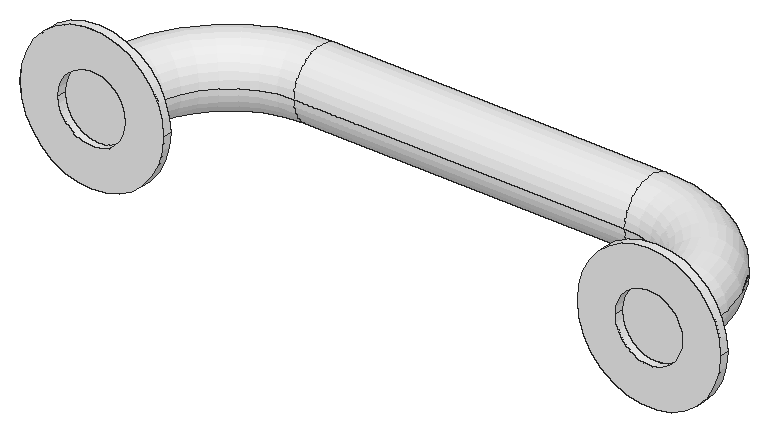
Revit family "706540001_Barra De Seguridad 12 Pulg", category Plumbing Fixtures, host Wall, Revit 2020
Family settings
  Host = Wall
  Round Connector Dimension = Use Diameter
  Part Type = Normal
  OmniClass Number = 23.31.00.00
  OmniClass Title = Plumbing Specific Products and Equipment
  Always vertical = Yes
  Cut with Voids When Loaded = No
  Shared = No
  Room Calculation Point = No
Parameters (values of type "Barra De Seguridad 12"")
  URL = "https://corona.co/productos/accesorios/barra-de-seguridad-12-pulgadas/p/706540001"
  Soporte de carga = "200 Kg."  # constant formula
  Referencia = "706540001"  # constant formula
  Recubrimientos = "-Material: Acero inoxidable SUS 304. -Resistente a la corrosión, pelado y decoloración por agua. -Condición de servicio recomendada, uso doméstico e institucional."  # constant formula
  Profundidad = 78.80 mm  # constant formula
  Model = "Barra de seguridad 30P"  # constant formula
  Material = Corona_Acabado_Satinado
  Manufacturer = "Corona"  # constant formula
  Longitud = 304.80 mm  # constant formula
  Fecha de creación = "12/04/2021"  # constant formula
  Description = "Barra en acero inoxidable 304. Con tornillos de anclaje en acero inoxidable \r\npara evitar la corrosión. Con escudos protectores que cubren los tonillos. \r\nElemento de mobiliario para el apoyo, seguridad y protección de usuarios \r\nque acompaña la dirección de una circulación."  # constant formula
  Default Elevation = 0.00 mm
  Cuidado Y Limpieza = "Para prolongar y preservar las cualidades del acero es vital que la limpieza profunda del producto se haga únicamente con agua y jabón suave y que en el secado y el brillo se utilice un paño de algodón limpio, dicha limpieza se recomienda 2 veces a la semana, y en zonas costeras a diario por la salinidad del ambiente. Por ningún motivo deben usarse elementos abrasivos, ácidos o disolventes para la limpieza del producto. (ácido muriático, ácido sulfúrico, yodo, derivados del cloro, amoniaco, blanqueadores.) Los acabados pueden variar su comportamiento en zonas costeras y/o en ambientes corrosivos. En referencias satinadas limpie en el sentido del pulido del acero."  # constant formula
  Creado por = "BIMBAU"  # constant formula
Reference planes
  plane 1 "Wall": y = 0
  plane 2 "Center (Left/Right)": x = 125
  plane 3 "Back": y = 75
  plane 4: x = -27.4
  plane 5: x = 277.4
  plane 6: y = 153.8
  plane 7: z = 1200
  plane 8: z = 1239.25
  plane 9: x = -66.65
  plane 10: z = 1160.75
  plane 11: x = 316.65
  plane 12: y = 172.3
  plane 13 "Back": y = 75
  plane 14: x = -27.4
  plane 15: x = 277.4
  plane 16: y = 153.8
  plane 17: z = 1200
Forms (mm)
  Sweep 1, solid, material "Corona_Acabado_Satinado" <- "Material", detail levels medium+fine
    path origin (0, 0, 0) x (1, 0, 0) y (0, 1, 0)
      loop
        line (-27.4, 79.5) -> (-27.4, 91.8)
        arc (-27.4, 91.8) -> (-9.241, 135.641) -> (34.6, 153.8) r 62
        line (34.6, 153.8) -> (215.4, 153.8)
        arc (215.4, 153.8) -> (259.241, 135.641) -> (277.4, 91.8) r 62
        line (277.4, 91.8) -> (277.4, 79.5)
    profile origin (-27.4, 85.65, 0) x (-1, 0, 0) y (0, 0, 1)
      loop
        circle (0, 1200) r 18.5
  Extrusion 2, solid, material "Corona_Acabado_Satinado" <- "Material", detail levels medium+fine
    sketch origin (0, 0.074, 0) x (1, 0, 0) y (0, 0, 1)
      loop
        circle (277.4, 1200) r 39.25
      loop
        circle (277.4, 1200) r 18.5
    from -79.426 to -74.926
  Extrusion 3, solid, material "Corona_Acabado_Satinado" <- "Material", detail levels medium+fine
    sketch origin (250, 0.074, 0) x (-1, 0, 0) y (0, 0, -1)
      loop
        circle (277.4, -1200) r 39.25
      loop
        circle (277.4, -1200) r 18.5
    from -79.426 to -74.926
  Extrusion 4, solid, material "Corona_Acabado_Satinado" <- "Material", detail levels coarse
    sketch origin (0, 0, 0) x (1, 0, 0) y (0, 1, 0)
      loop
        line (-66.65, 172.3) -> (-66.65, 75) -> (316.65, 75) -> (316.65, 172.3) -> (-66.65, 172.3)
    from 1160.75 to 1239.25
  Sweep 5, solid, material "Corona_Acabado_Satinado" <- "Material", not visible, detail levels medium+fine
    path origin (0, 0, 0) x (1, 0, 0) y (0, 1, 0)
      loop
        line (-27.4, 79.5) -> (-27.4, 91.8)
        arc (-27.4, 91.8) -> (-9.241, 135.641) -> (34.6, 153.8) r 62
        line (34.6, 153.8) -> (215.4, 153.8)
        arc (215.4, 153.8) -> (259.241, 135.641) -> (277.4, 91.8) r 62
        line (277.4, 91.8) -> (277.4, 79.5)
    profile origin (-27.4, 85.65, 0) x (-1, 0, 0) y (0, 0, 1)
      loop
        circle (0, 1200) r 18.5
  Extrusion 6, solid, material "Corona_Acabado_Satinado" <- "Material", not visible, detail levels medium+fine
    sketch origin (0, 0.074, 0) x (1, 0, 0) y (0, 0, 1)
      loop
        circle (277.4, 1200) r 39.25
      loop
        circle (277.4, 1200) r 18.5
    from -79.426 to -74.926
  Extrusion 7, solid, material "Corona_Acabado_Satinado" <- "Material", not visible, detail levels medium+fine
    sketch origin (250, 0.074, 0) x (-1, 0, 0) y (0, 0, -1)
      loop
        circle (277.4, -1200) r 39.25
      loop
        circle (277.4, -1200) r 18.5
    from -79.426 to -74.926
Text (mm)
  text "Placement Side" at (-1848.837, 1116.779, 0), in view "Ref. Level"
  text "Placement side" at (0, 1409.804, 2854.306), in view "Left"
  text "Placement side" at (0, 499.811, 2980.732), in view "Right"
Dimensions and locks
  locked: plane 3 "Back" to host wall
  "Longitud": plane 4 to plane 5
  "Profundidad": plane 3 "Back" to plane 6
  equal spacing: plane 4, plane 2 "Center (Left/Right)", plane 5
  aligned and locked: plane 1 "Wall" to host wall
  aligned and locked: Extrusion 2 to host wall
Automatic sketch dimensions
  Sweep 1 sketch curve to profile plane = 0.00 mm
  profile plane to Sweep 1 sketch curve = 18.50 mm
  Extrusion 2 sketch curve to Extrusion 2 sketch curve = 0.00 mm  (x4)
  Extrusion 3 sketch curve to Extrusion 3 sketch curve = 0.00 mm  (x4)
  Extrusion 4 sketch curve to host wall = 0.00 mm
  Extrusion 4 sketch curve to plane 9 = 0.00 mm
  plane 11 to Extrusion 4 sketch curve = 0.00 mm
  Extrusion 4 sketch curve to plane 12 = 0.00 mm
  Sweep 1 sketch curve to Sweep 1 sketch curve = 62.00 mm  (x2)
  Sweep 1 sketch curve to Sweep 1 sketch curve = 180.80 mm
  Sweep 1 sketch curve to Sweep 1 sketch curve = 12.30 mm  (x2)
  Sweep 1 sketch curve to Sweep 1 sketch curve = 0.00 mm
  profile plane to Sweep 1 sketch curve = 1200.00 mm
  Sweep 5 sketch curve to profile plane = 0.00 mm
  profile plane to Sweep 5 sketch curve = 18.50 mm
  Extrusion 6 sketch curve to Extrusion 6 sketch curve = 0.00 mm  (x4)
  Extrusion 7 sketch curve to Extrusion 7 sketch curve = 0.00 mm  (x4)
  Sweep 5 sketch curve to Sweep 5 sketch curve = 62.00 mm  (x2)
  Sweep 5 sketch curve to Sweep 5 sketch curve = 180.80 mm
  Sweep 5 sketch curve to Sweep 5 sketch curve = 12.30 mm  (x2)
  Sweep 5 sketch curve to Sweep 5 sketch curve = 0.00 mm
  profile plane to Sweep 5 sketch curve = 1200.00 mm
  radius of Extrusion 2 sketch curve = 39.25 mm
  radius of Extrusion 2 sketch curve = 18.50 mm
  radius of Extrusion 3 sketch curve = 39.25 mm
  radius of Extrusion 3 sketch curve = 18.50 mm
  radius of Extrusion 6 sketch curve = 39.25 mm
  radius of Extrusion 6 sketch curve = 18.50 mm
  radius of Extrusion 7 sketch curve = 39.25 mm
  radius of Extrusion 7 sketch curve = 18.50 mm
